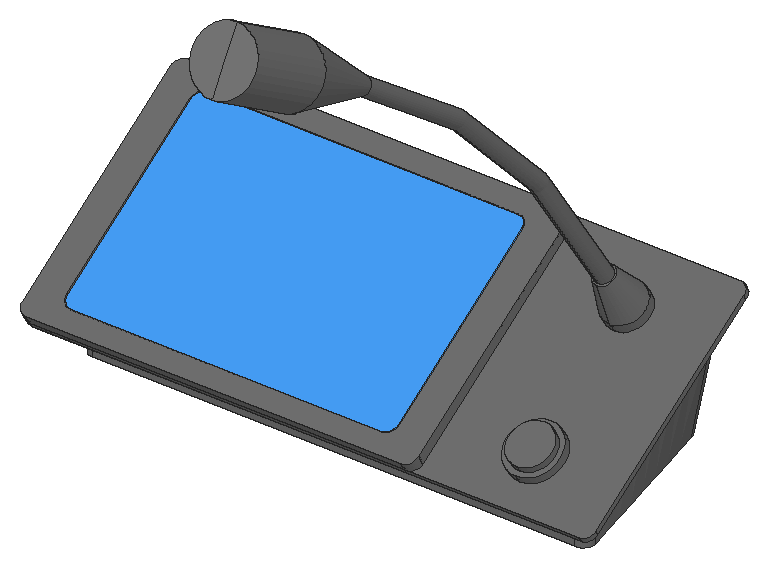
Revit family "Paging Station-Surface Mounted-Q-SYS-PS-TSCG3-G-Gooseneck Microphone z", category Communication Devices, host Face, Revit 2022
Family settings
  Host = Face
  Round Connector Dimension = Use Diameter
  Part Type = Normal
  OmniClass Number = 23.85.10.17.11
  OmniClass Title = Audio-Visual System Components
  Cut with Voids When Loaded = No
  Maintain Annotation Orientation = No
  Shared = No
  Room Calculation Point = No
Parameters (values of type "10 " W x 5 " H x 2 " D")
  Width = 265.8 mm
  Weight Product = 1.18
  Weight Dimensional = 1.84
  Weight = 3.99 lbm
  URL = "https://www.qsys.com/"
  Type Comments = "10 \" W x 5 \" H x 2 \" D"
  Screen Height = 115.6 mm
  Product Page URL = "https://www.qsys.com/products/q-sys/additional-peripherals/ps-tscg3-touchscreen-paging-station/"
  Product Documentation Link = "https://www.qsys.com/resource-files/productresources/dn/page-station_peripherals/ps-tscg3/q_dn_ps_tscg3_specsheet.pdf"
  Plan Symbol Vertical Offset [instance] = 0
  Plan Symbol Horizontal Offset [instance] = 0
  Part Number = ""
  Model = "PS-TSCG3-H"
  Manufacturer URL = "https://www.qsys.com/"
  Manufacturer = "Q-SYS"
  Length 5 = 11.0 mm
  Length 4 = 0.5 mm
  Length 3 = 7.0 mm
  Length 2 = 55.0 mm
  Length 1 = 5.0 mm
  LED Material = Plastic - Q-SYS - LED Blue
  IQ Category = "Paging Station"  # constant formula
  Highlight Material = Metal - Q-SYS - Mesh
  Cord Material 1 = Plastic - Q-SYS - Black Cord 1
  Height = 86.4 mm
  Frame Depth = 2.0 mm
  Description = "Surface mounted paging station with gooseneck microphone and an integrated push-to-talk button."
  Depth = 113.7 mm
  Default Elevation = 1450.0 mm
  Body Width = Width  # 265.8 mm
  Body Offset = 0.0 mm
  Body Material = Plastic - Q-SYS - Black
  Body Depth = 17.0 mm
Reference planes
  plane 1 "Center (Front/Back)": y = 0
  plane 2: z = 0
  plane 3 "Center (Left/Right)": x = 0
  plane 4 "Top": y = 56.85
  plane 5 "Bottom": y = -56.85
  plane 6 "Left": x = -132.9
  plane 7 "Right": x = 132.9
  plane 8 "body left": x = -132.9
  plane 9 "body right": x = 132.9
  plane 10 "Back": z = 0
  plane 11 "Front": z = 86.4
  plane 12 "body back": z = 0
  plane 13: x = -117.9
  plane 14: x = 117.9
  plane 15 "screen right": x = 52.1
  plane 16: x = 37.1
  plane 17 "mic x cl": x = 92.5
  plane 18: z = 317
  plane 19 "screen back": y = 37.84
  plane 20: x = -94.15
  plane 21: x = 94.15
  plane 22 "back top": z = 63.38
Forms (mm)
  Extrusion 1, solid, detail levels coarse
    sketch origin (0, 0, 0) x (1, 0, 0) y (0, 1, 0)
      loop
        line (-132.9, 56.85) -> (-132.9, -56.85) -> (132.9, -56.85) -> (132.9, 56.85) -> (-132.9, 56.85)
    from 0 to 86.4
  Blend 2, solid, material "Plastic - Q-SYS - Black" <- "Body Material", detail levels medium+fine
    base sketch origin (-132.9, 37.84, 86.4) x (0, -0.819152, -0.573576) y (1, 0, 0)
      loop
        line (5, 0) -> (110.6, 0)
        arc (110.6, 0) -> (114.136, 1.464) -> (115.6, 5) r 5
        line (115.6, 5) -> (115.6, 260.8)
        arc (115.6, 260.8) -> (114.136, 264.336) -> (110.6, 265.8) r 5
        line (110.6, 265.8) -> (5, 265.8)
        arc (5, 265.8) -> (1.464, 264.336) -> (0, 260.8) r 5
        line (0, 260.8) -> (0, 5)
        arc (0, 5) -> (1.464, 1.464) -> (5, 0) r 5
    top sketch origin (-132.9, 37.84, 86.4) x (0, -0.819152, -0.573576) y (1, 0, 0)
      loop
        line (14, 15) -> (101.6, 15)
        arc (101.6, 15) -> (105.136, 16.464) -> (106.6, 20) r 5
        line (106.6, 20) -> (106.6, 245.8)
        arc (106.6, 245.8) -> (105.136, 249.336) -> (101.6, 250.8) r 5
        line (101.6, 250.8) -> (14, 250.8)
        arc (14, 250.8) -> (10.464, 249.336) -> (9, 245.8) r 5
        line (9, 245.8) -> (9, 20)
        arc (9, 20) -> (10.464, 16.464) -> (14, 15) r 5
    from -6.8 to -21.8
  Extrusion 3, solid, material "Plastic - Q-SYS - Black" <- "Body Material", detail levels medium+fine
    sketch origin (-132.9, 37.84, 86.4) x (0, -0.819152, -0.573576) y (1, 0, 0)
      loop
        line (0, 260.8) -> (0, 5)
        arc (0, 5) -> (1.464, 1.464) -> (5, 0) r 5
        line (5, 0) -> (110.6, 0)
        arc (110.6, 0) -> (114.136, 1.464) -> (115.6, 5) r 5
        line (115.6, 5) -> (115.6, 260.8)
        arc (115.6, 260.8) -> (114.136, 264.336) -> (110.6, 265.8) r 5
        line (110.6, 265.8) -> (5, 265.8)
        arc (5, 265.8) -> (1.464, 264.336) -> (0, 260.8) r 5
    from -4.8 to -6.8
  Extrusion 4, solid, material "Plastic - Q-SYS - Black" <- "Body Material", detail levels medium+fine
    sketch origin (-132.9, 37.84, 86.4) x (0, -0.819152, -0.573576) y (1, 0, 0)
      loop
        line (0, 180) -> (0, 5)
        arc (0, 5) -> (1.464, 1.464) -> (5, 0) r 5
        line (5, 0) -> (110.6, 0)
        arc (110.6, 0) -> (114.136, 1.464) -> (115.6, 5) r 5
        line (115.6, 5) -> (115.6, 180)
        arc (115.6, 180) -> (114.136, 183.536) -> (110.6, 185) r 5
        line (110.6, 185) -> (5, 185)
        arc (5, 185) -> (1.464, 183.536) -> (0, 180) r 5
    from 0 to -4.8
  Extrusion 5, void
    sketch origin (-132.9, 37.84, 86.4) x (0, -0.819152, -0.573576) y (1, 0, 0)
      loop
        arc (9, 20) -> (10.464, 16.464) -> (14, 15) r 5
        line (14, 15) -> (101.6, 15)
        arc (101.6, 15) -> (105.136, 16.464) -> (106.6, 20) r 5
        line (106.6, 20) -> (106.6, 165)
        arc (106.6, 165) -> (105.136, 168.536) -> (101.6, 170) r 5
        line (101.6, 170) -> (14, 170)
        arc (14, 170) -> (10.464, 168.536) -> (9, 165) r 5
        line (9, 165) -> (9, 20)
    from 0 to -2
  Extrusion 6, solid, material "Plastic - Q-SYS - LED Blue" <- "LED Material", detail levels medium+fine
    sketch origin (-132.9, 37.84, 86.4) x (0, -0.819152, -0.573576) y (1, 0, 0)
      loop
        arc (101.6, 15) -> (105.136, 16.464) -> (106.6, 20) r 5
        line (106.6, 20) -> (106.6, 165)
        arc (106.6, 165) -> (105.136, 168.536) -> (101.6, 170) r 5
        line (101.6, 170) -> (14, 170)
        arc (14, 170) -> (10.464, 168.536) -> (9, 165) r 5
        line (9, 165) -> (9, 20)
        arc (9, 20) -> (10.464, 16.464) -> (14, 15) r 5
        line (14, 15) -> (101.6, 15)
    from 0 to -2
  Blend 7, solid, material "Plastic - Q-SYS - Black" <- "Body Material", detail levels medium+fine
    base sketch origin (0, 0, 86.4) x (-1, 0, 0) y (0, -1, 0)
      loop
        spline (-117.9, -38.876) -> (-117.857, -39.411) -> (-117.73, -39.936) -> (-117.519, -40.444) -> (-117.23, -40.924) -> (-116.867, -41.37) -> (-116.436, -41.772) -> (-115.944, -42.126) -> (-115.4, -42.423) -> (-114.813, -42.66) -> (-114.194, -42.832) -> (-113.553, -42.937) -> (-112.9, -42.972)
        line (-112.9, -42.972) -> (112.9, -42.972)
        spline (112.9, -42.972) -> (113.553, -42.937) -> (114.194, -42.832) -> (114.813, -42.66) -> (115.4, -42.423) -> (115.944, -42.126) -> (116.436, -41.772) -> (116.867, -41.37) -> (117.23, -40.924) -> (117.519, -40.444) -> (117.73, -39.936) -> (117.857, -39.411) -> (117.9, -38.876)
        line (117.9, -38.876) -> (117.9, 32.881)
        spline (117.9, 32.881) -> (117.857, 33.416) -> (117.73, 33.942) -> (117.519, 34.449) -> (117.23, 34.929) -> (116.867, 35.375) -> (116.436, 35.778) -> (115.944, 36.131) -> (115.4, 36.428) -> (114.813, 36.665) -> (114.194, 36.838) -> (113.553, 36.942) -> (112.9, 36.977)
        line (112.9, 36.977) -> (-112.9, 36.977)
        spline (-112.9, 36.977) -> (-113.553, 36.942) -> (-114.194, 36.838) -> (-114.813, 36.665) -> (-115.4, 36.428) -> (-115.944, 36.131) -> (-116.436, 35.778) -> (-116.867, 35.375) -> (-117.23, 34.929) -> (-117.519, 34.449) -> (-117.73, 33.942) -> (-117.857, 33.416) -> (-117.9, 32.881)
        line (-117.9, 32.881) -> (-117.9, -38.876)
    top sketch origin (0, 0, 86.4) x (-1, 0, 0) y (0, -1, 0)
      loop
        arc (-112.488, 36.977) -> (-116.451, 35.027) -> (-117.322, 30.698) r 5
        line (-117.322, 30.698) -> (-95.135, -53.129)
        arc (-95.135, -53.129) -> (-93.351, -55.812) -> (-90.301, -56.85) r 5
        line (-90.301, -56.85) -> (90.301, -56.85)
        arc (90.301, -56.85) -> (93.351, -55.812) -> (95.135, -53.129) r 5
        line (95.135, -53.129) -> (117.322, 30.698)
        arc (117.322, 30.698) -> (116.451, 35.027) -> (112.488, 36.977) r 5
        line (112.488, 36.977) -> (-112.488, 36.977)
    from -23.02 to -86.4
  Extrusion 8, void
    sketch origin (92.5, 0, 0) x (0, 1, 0) y (0, 0, 1)
      loop
        line (-56.85, -6.516) -> (75.848, 86.4) -> (-56.85, 86.4) -> (-56.85, -6.516)
    from -311.131 to 70.549
  Extrusion 9, solid, material "Plastic - Q-SYS - Black" <- "Body Material", detail levels fine
    sketch origin (-132.9, 37.84, 86.4) x (0, -0.819152, -0.573576) y (1, 0, 0)
      loop
        circle (90.893, 225.4) r 12.5
    from -1 to -4.8
  Extrusion 10, solid, material "Plastic - Q-SYS - Black" <- "Body Material", detail levels fine
    sketch origin (-132.9, 37.84, 86.4) x (0, -0.819152, -0.573576) y (1, 0, 0)
      loop
        circle (90.893, 225.4) r 10
    from -1 to 2
  Extrusion 11, solid, material "Plastic - Q-SYS - Black" <- "Body Material", detail levels fine
    sketch origin (-132.9, 37.84, 86.4) x (0, -0.819152, -0.573576) y (1, 0, 0)
      loop
        circle (25.893, 225.4) r 10
    from 0 to -4.8
  Blend 12, solid, material "Plastic - Q-SYS - Black" <- "Body Material", detail levels fine
    base sketch origin (-132.9, 37.84, 86.4) x (0, -0.819152, -0.573576) y (1, 0, 0)
      loop
        circle (25.893, 225.4) r 10
    top sketch origin (-132.9, 37.84, 86.4) x (0, -0.819152, -0.573576) y (1, 0, 0)
      loop
        circle (25.893, 225.4) r 5
    from 0 to 20
  Sweep 13, solid, material "Plastic - Q-SYS - Black Cord 1" <- "Cord Material 1", detail levels fine
    path origin (92.5, 0, 0) x (0, 1, 0) y (0, 0, 1)
      loop
        arc (5.159, 87.931) -> (-55.944, 168.251) -> (-136.263, 229.353) r 374.755
    profile origin (92.5, -55.944, 168.251) x (0, -0.707107, -0.707107) y (1, 0, 0)
      loop
        circle (0, 0) r 4
  Revolve 14, solid, material "Plastic - Q-SYS - Black" <- "Body Material", detail levels fine
    sketch origin (92.5, 0, 0) x (0, 1, 0) y (0, 0, 1)
      loop
        line (-134.292, 232.833) -> (-170.227, 265.826) -> (-209.384, 288.001) -> (-216.775, 274.948) -> (-136.263, 229.353) -> (-134.292, 232.833)
      axis (-136.263, 229.353) -> (-216.775, 274.948)
    angle from 0 to 360
Cuts and joins
  Extrusion 5 cuts Extrusion 4
  Extrusion 8 cuts Blend 7
Lines and regions (mm)
  Masking region 1, detail levels coarse
    outline origin (0, 0, 0) x (0, 1, 0) y (0, 0, 1)
      loop
        line (-56.85, 86.4) -> (-56.85, 0) -> (56.85, 0) -> (56.85, 86.4) -> (-56.85, 86.4)
  Masking region 2, detail levels medium+fine
    outline origin (0, 0, 63.38) x (-1, 0, 0) y (0, -1, 0)
      loop
        line (-127.9, -41.741) -> (-116.471, -41.741) -> (-90.301, -56.85) -> (90.301, -56.85) -> (116.471, -41.741) -> (127.9, -41.741)
        arc (127.9, -41.741) -> (131.436, -40.276) -> (132.9, -36.741) r 5
        line (132.9, -36.741) -> (132.9, 51.85)
        arc (132.9, 51.85) -> (131.436, 55.386) -> (127.9, 56.85) r 5
        line (127.9, 56.85) -> (-127.9, 56.85)
        arc (-127.9, 56.85) -> (-131.436, 55.386) -> (-132.9, 51.85) r 5
        line (-132.9, 51.85) -> (-132.9, -36.741)
        arc (-132.9, -36.741) -> (-131.436, -40.276) -> (-127.9, -41.741) r 5
  Masking region 3, detail levels medium+fine
    outline origin (0, 0, 0) x (0, 1, 0) y (0, 0, 1)
      loop
        line (56.85, 0) -> (42.972, 63.38) -> (41.741, 80.83) -> (37.84, 86.4) -> (-56.854, 20.095) -> (-52.953, 14.524) -> (-36.977, 7.399) -> (-36.977, 0) -> (56.85, 0)
  Masking region 4, detail levels fine
    outline origin (92.5, 0, 0) x (0, 1, 0) y (0, 0, 1)
      loop
        line (11.192, 61.881) -> (27.575, 73.352) -> (24.822, 77.284) -> (9.254, 90.799) -> (8.534, 90.295)
        arc (8.534, 90.295) -> (-53.27, 171.192) -> (-134.292, 232.833) r 380.958
        line (-134.292, 232.833) -> (-170.227, 265.826) -> (-209.384, 288.001) -> (-224.167, 261.896) -> (-185.01, 239.721) -> (-138.234, 225.872)
        arc (-138.234, 225.872) -> (-58.655, 165.265) -> (1.952, 85.686) r 372.958
        line (1.952, 85.686) -> (1.063, 85.064) -> (8.439, 65.813) -> (11.192, 61.881)
      loop
        line (-23.622, 37.504) -> (-25.802, 40.617) -> (-27.85, 39.183) -> (-29.57, 41.64) -> (-45.953, 30.169) -> (-44.233, 27.711) -> (-46.281, 26.277) -> (-44.101, 23.164) -> (-23.622, 37.504)
  Masking region 5, detail levels fine
    outline origin (0, 0, 86.4) x (-1, 0, 0) y (0, -1, 0)
      loop
        line (-77.5, 177.179) -> (-77.5, 216.775)
        spline (-77.5, 216.775) -> (-78.011, 218.688) -> (-79.51, 220.471) -> (-81.893, 222.002) -> (-85, 223.177) -> (-88.618, 223.915) -> (-92.5, 224.167) -> (-96.382, 223.915) -> (-100, 223.177) -> (-103.107, 222.002) -> (-105.49, 220.471) -> (-106.989, 218.688) -> (-107.5, 216.775)
        line (-107.5, 216.775) -> (-107.5, 177.179) -> (-96.537, 136.263) -> (-96.537, -2.562) -> (-102.5, -15.35) -> (-102.5, -19.383)
        spline (-102.5, -19.383) -> (-102.159, -21.503) -> (-101.16, -23.479) -> (-99.571, -25.176) -> (-97.5, -26.477) -> (-95.088, -27.296) -> (-92.5, -27.575) -> (-89.912, -27.296) -> (-87.5, -26.477) -> (-85.429, -25.176) -> (-83.84, -23.479) -> (-82.841, -21.503) -> (-82.5, -19.383)
        line (-82.5, -19.383) -> (-82.5, -15.35) -> (-88.463, -2.562) -> (-88.463, 136.263) -> (-77.5, 177.179)
  Masking region 6, detail levels medium+fine
    outline origin (0, 0, 0) x (1, 0, 0) y (0, 0, 1)
      loop
        line (-117.9, 0) -> (117.9, 0) -> (117.9, 8.944) -> (130.719, 14.993)
        arc (130.719, 14.993) -> (131.962, 15.83) -> (132.9, 17) r 4.97
        line (132.9, 17) -> (132.9, 79.6)
        spline (132.9, 79.6) -> (132.857, 79.975) -> (132.73, 80.342) -> (132.519, 80.698) -> (132.23, 81.034) -> (131.867, 81.346) -> (131.436, 81.628) -> (130.944, 81.875) -> (130.4, 82.084) -> (129.813, 82.25) -> (129.194, 82.37) -> (128.553, 82.444) -> (127.9, 82.468)
        line (127.9, 82.468) -> (52.1, 82.468) -> (52.1, 83.532)
        spline (52.1, 83.532) -> (52.057, 83.906) -> (51.93, 84.274) -> (51.719, 84.63) -> (51.43, 84.966) -> (51.067, 85.278) -> (50.636, 85.56) -> (50.144, 85.807) -> (49.6, 86.016) -> (49.013, 86.182) -> (48.394, 86.302) -> (47.753, 86.375) -> (47.1, 86.4)
        line (47.1, 86.4) -> (-127.9, 86.4)
        spline (-127.9, 86.4) -> (-128.553, 86.375) -> (-129.194, 86.302) -> (-129.813, 86.182) -> (-130.4, 86.016) -> (-130.944, 85.807) -> (-131.436, 85.56) -> (-131.867, 85.278) -> (-132.23, 84.966) -> (-132.519, 84.63) -> (-132.73, 84.274) -> (-132.857, 83.906) -> (-132.9, 83.532)
        line (-132.9, 83.532) -> (-132.9, 17)
        arc (-132.9, 17) -> (-131.962, 15.83) -> (-130.719, 14.993) r 4.97
        line (-130.719, 14.993) -> (-117.9, 8.944) -> (-117.9, 0)
  Masking region 7, detail levels fine
    outline origin (0, -56.85, 0) x (-1, 0, 0) y (0, 0, 1)
      loop
        line (-82.517, 71.759) -> (-88.5, 91.327) -> (-88.5, 228.659) -> (-77.914, 248.938) -> (-77.914, 273.938)
        arc (-77.914, 273.938) -> (-92.5, 288.525) -> (-107.086, 273.938) r 14.586
        line (-107.086, 273.938) -> (-107.086, 248.938) -> (-96.5, 228.659) -> (-96.5, 91.327) -> (-102.483, 71.759) -> (-102.483, 66.759)
        spline (-102.483, 66.759) -> (-102.142, 65.497) -> (-101.145, 64.32) -> (-99.559, 63.31) -> (-97.491, 62.534) -> (-95.084, 62.047) -> (-92.5, 61.881) -> (-89.916, 62.047) -> (-87.509, 62.534) -> (-85.441, 63.31) -> (-83.855, 64.32) -> (-82.858, 65.497) -> (-82.517, 66.759)
        line (-82.517, 66.759) -> (-82.517, 71.759)
  Masking region 8, detail levels coarse
    outline origin (0, -56.85, 0) x (-1, 0, 0) y (0, 0, 1)
      loop
        line (-132.9, 86.4) -> (-132.9, 0) -> (132.9, 0) -> (132.9, 86.4) -> (-132.9, 86.4)
  reference lines
    curve 1: line (-132.9, 37.84, 86.4) -> (-132.9, -56.854, 20.095)
    curve 2: line (92.5, -136.263, 229.353) -> (92.5, -192.823, 261.384)
  symbolic lines, style "Outline", detail levels medium+fine
    curve 3: line (0, 42.972, 63.38) -> (0, -36.977, 7.399)
    curve 4: line (0, 41.741, 80.83) -> (0, -52.953, 14.524)
    curve 9: line (-116.471, 41.741, 86.4) -> (116.471, 41.741, 86.4)
    curve 10: spline (-127.9, 37.84, 86.4) -> (-128.553, 37.805, 86.4) -> (-129.194, 37.701, 86.4) -> (-129.813, 37.529, 86.4) -> (-130.4, 37.292, 86.4) -> (-130.944, 36.994, 86.4) -> (-131.436, 36.641, 86.4) -> (-131.867, 36.238, 86.4) -> (-132.23, 35.793, 86.4) -> (-132.519, 35.312, 86.4) -> (-132.73, 34.805, 86.4) -> (-132.857, 34.279, 86.4) -> (-132.9, 33.745, 86.4)
    curve 11: line (47.1, 37.84, 86.4) -> (-127.9, 37.84, 86.4)
    curve 12: spline (52.1, 33.745, 86.4) -> (52.057, 34.279, 86.4) -> (51.93, 34.805, 86.4) -> (51.719, 35.312, 86.4) -> (51.43, 35.793, 86.4) -> (51.067, 36.238, 86.4) -> (50.636, 36.641, 86.4) -> (50.144, 36.994, 86.4) -> (49.6, 37.292, 86.4) -> (49.013, 37.529, 86.4) -> (48.394, 37.701, 86.4) -> (47.753, 37.805, 86.4) -> (47.1, 37.84, 86.4)
    curve 13: line (52.1, -52.758, 86.4) -> (52.1, 36.498, 86.4)
    curve 14: spline (47.1, -56.854, 86.4) -> (47.753, -56.819, 86.4) -> (48.394, -56.714, 86.4) -> (49.013, -56.542, 86.4) -> (49.6, -56.305, 86.4) -> (50.144, -56.007, 86.4) -> (50.636, -55.654, 86.4) -> (51.067, -55.251, 86.4) -> (51.43, -54.806, 86.4) -> (51.719, -54.325, 86.4) -> (51.93, -53.818, 86.4) -> (52.057, -53.292, 86.4) -> (52.1, -52.758, 86.4)
    curve 15: spline (32.1, -49.481, 86.4) -> (32.753, -49.446, 86.4) -> (33.394, -49.342, 86.4) -> (34.013, -49.169, 86.4) -> (34.6, -48.932, 86.4) -> (35.144, -48.635, 86.4) -> (35.636, -48.282, 86.4) -> (36.067, -47.879, 86.4) -> (36.43, -47.433, 86.4) -> (36.719, -46.953, 86.4) -> (36.93, -46.445, 86.4) -> (37.057, -45.92, 86.4) -> (37.1, -45.385, 86.4)
    curve 16: line (-112.9, -49.481, 86.4) -> (32.1, -49.481, 86.4)
    curve 17: line (37.1, -45.385, 86.4) -> (37.1, 26.372, 86.4)
    curve 18: spline (-117.9, -45.385, 86.4) -> (-117.857, -45.92, 86.4) -> (-117.73, -46.445, 86.4) -> (-117.519, -46.953, 86.4) -> (-117.23, -47.433, 86.4) -> (-116.867, -47.879, 86.4) -> (-116.436, -48.282, 86.4) -> (-115.944, -48.635, 86.4) -> (-115.4, -48.932, 86.4) -> (-114.813, -49.169, 86.4) -> (-114.194, -49.342, 86.4) -> (-113.553, -49.446, 86.4) -> (-112.9, -49.481, 86.4)
    curve 19: line (-117.9, 26.372, 86.4) -> (-117.9, -45.385, 86.4)
    curve 20: spline (-112.9, 30.468, 86.4) -> (-113.553, 30.433, 86.4) -> (-114.194, 30.328, 86.4) -> (-114.813, 30.156, 86.4) -> (-115.4, 29.919, 86.4) -> (-115.944, 29.622, 86.4) -> (-116.436, 29.268, 86.4) -> (-116.867, 28.866, 86.4) -> (-117.23, 28.42, 86.4) -> (-117.519, 27.94, 86.4) -> (-117.73, 27.432, 86.4) -> (-117.857, 26.907, 86.4) -> (-117.9, 26.372, 86.4)
    curve 21: line (32.1, 30.468, 86.4) -> (-112.9, 30.468, 86.4)
    curve 22: spline (37.1, 26.372, 86.4) -> (37.057, 26.907, 86.4) -> (36.93, 27.432, 86.4) -> (36.719, 27.94, 86.4) -> (36.43, 28.42, 86.4) -> (36.067, 28.866, 86.4) -> (35.636, 29.268, 86.4) -> (35.144, 29.622, 86.4) -> (34.6, 29.919, 86.4) -> (34.013, 30.156, 86.4) -> (33.394, 30.328, 86.4) -> (32.753, 30.433, 86.4) -> (32.1, 30.468, 86.4)
    curve 23: spline (47.1, 40.594, 86.4) -> (47.753, 40.559, 86.4) -> (48.394, 40.454, 86.4) -> (49.013, 40.282, 86.4) -> (49.6, 40.045, 86.4) -> (50.144, 39.747, 86.4) -> (50.636, 39.394, 86.4) -> (51.067, 38.991, 86.4) -> (51.43, 38.546, 86.4) -> (51.719, 38.065, 86.4) -> (51.93, 37.558, 86.4) -> (52.057, 37.032, 86.4) -> (52.1, 36.498, 86.4)
    curve 24: spline (-127.9, 40.594, 86.4) -> (-128.553, 40.559, 86.4) -> (-129.194, 40.454, 86.4) -> (-129.813, 40.282, 86.4) -> (-130.4, 40.045, 86.4) -> (-130.944, 39.747, 86.4) -> (-131.436, 39.394, 86.4) -> (-131.867, 38.991, 86.4) -> (-132.23, 38.546, 86.4) -> (-132.519, 38.065, 86.4) -> (-132.73, 37.558, 86.4) -> (-132.857, 37.032, 86.4) -> (-132.9, 36.498, 86.4)
    curve 25: line (127.9, 40.594, 86.4) -> (-127.9, 40.594, 86.4)
    curve 30: line (52.1, -56.85, 82.468) -> (52.1, -56.85, 19.031)
    curve 31: spline (47.1, -56.85, 20.095) -> (47.753, -56.85, 20.119) -> (48.394, -56.85, 20.192) -> (49.013, -56.85, 20.313) -> (49.6, -56.85, 20.479) -> (50.144, -56.85, 20.687) -> (50.636, -56.85, 20.935) -> (51.067, -56.85, 21.217) -> (51.43, -56.85, 21.529) -> (51.719, -56.85, 21.865) -> (51.93, -56.85, 22.22) -> (52.057, -56.85, 22.588) -> (52.1, -56.85, 22.962)
    curve 32: line (-127.9, -56.85, 20.095) -> (47.1, -56.85, 20.095)
    curve 33: spline (-132.9, -56.85, 22.962) -> (-132.857, -56.85, 22.588) -> (-132.73, -56.85, 22.22) -> (-132.519, -56.85, 21.865) -> (-132.23, -56.85, 21.529) -> (-131.867, -56.85, 21.217) -> (-131.436, -56.85, 20.935) -> (-130.944, -56.85, 20.687) -> (-130.4, -56.85, 20.479) -> (-129.813, -56.85, 20.313) -> (-129.194, -56.85, 20.192) -> (-128.553, -56.85, 20.119) -> (-127.9, -56.85, 20.095)
    curve 34: spline (-132.9, -56.85, 19.031) -> (-132.857, -56.85, 18.656) -> (-132.73, -56.85, 18.288) -> (-132.519, -56.85, 17.933) -> (-132.23, -56.85, 17.597) -> (-131.867, -56.85, 17.285) -> (-131.436, -56.85, 17.003) -> (-130.944, -56.85, 16.755) -> (-130.4, -56.85, 16.547) -> (-129.813, -56.85, 16.381) -> (-129.194, -56.85, 16.26) -> (-128.553, -56.85, 16.187) -> (-127.9, -56.85, 16.163)
    curve 35: line (-127.9, -56.85, 16.163) -> (127.9, -56.85, 16.163)
    curve 36: spline (52.1, -56.85, 19.031) -> (52.057, -56.85, 18.656) -> (51.93, -56.85, 18.288) -> (51.719, -56.85, 17.933) -> (51.43, -56.85, 17.597) -> (51.067, -56.85, 17.285) -> (50.636, -56.85, 17.003) -> (50.144, -56.85, 16.755) -> (49.6, -56.85, 16.547) -> (49.013, -56.85, 16.381) -> (48.394, -56.85, 16.26) -> (47.753, -56.85, 16.187) -> (47.1, -56.85, 16.163)
    curve 37: line (-112.9, -56.85, 25.257) -> (32.1, -56.85, 25.257)
    curve 38: spline (32.1, -56.85, 25.257) -> (32.753, -56.85, 25.281) -> (33.394, -56.85, 25.354) -> (34.013, -56.85, 25.475) -> (34.6, -56.85, 25.641) -> (35.144, -56.85, 25.849) -> (35.636, -56.85, 26.097) -> (36.067, -56.85, 26.379) -> (36.43, -56.85, 26.691) -> (36.719, -56.85, 27.027) -> (36.93, -56.85, 27.382) -> (37.057, -56.85, 27.75) -> (37.1, -56.85, 28.125)
    curve 39: line (37.1, -56.85, 78.37) -> (37.1, -56.85, 28.125)
    curve 40: spline (37.1, -56.85, 78.37) -> (37.057, -56.85, 78.744) -> (36.93, -56.85, 79.112) -> (36.719, -56.85, 79.467) -> (36.43, -56.85, 79.804) -> (36.067, -56.85, 80.116) -> (35.636, -56.85, 80.398) -> (35.144, -56.85, 80.645) -> (34.6, -56.85, 80.854) -> (34.013, -56.85, 81.02) -> (33.394, -56.85, 81.14) -> (32.753, -56.85, 81.213) -> (32.1, -56.85, 81.238)
    curve 41: line (32.1, -56.85, 81.238) -> (-112.9, -56.85, 81.238)
    curve 42: spline (-112.9, -56.85, 81.238) -> (-113.553, -56.85, 81.213) -> (-114.194, -56.85, 81.14) -> (-114.813, -56.85, 81.02) -> (-115.4, -56.85, 80.854) -> (-115.944, -56.85, 80.645) -> (-116.436, -56.85, 80.398) -> (-116.867, -56.85, 80.116) -> (-117.23, -56.85, 79.804) -> (-117.519, -56.85, 79.467) -> (-117.73, -56.85, 79.112) -> (-117.857, -56.85, 78.744) -> (-117.9, -56.85, 78.37)
    curve 43: line (-117.9, -56.85, 28.125) -> (-117.9, -56.85, 78.37)
    curve 50: line (52.1, 56.85, 82.468) -> (-127.9, 56.85, 82.468)
    curve 51: spline (-127.9, 56.85, 82.468) -> (-128.553, 56.85, 82.444) -> (-129.194, 56.85, 82.37) -> (-129.813, 56.85, 82.25) -> (-130.4, 56.85, 82.084) -> (-130.944, 56.85, 81.875) -> (-131.436, 56.85, 81.628) -> (-131.867, 56.85, 81.346) -> (-132.23, 56.85, 81.034) -> (-132.519, 56.85, 80.698) -> (-132.73, 56.85, 80.342) -> (-132.857, 56.85, 79.975) -> (-132.9, 56.85, 79.6)
    curve 52: line (117.9, 56.85, 8.944) -> (117.9, 56.85, 60.512)
    curve 53: spline (112.9, 56.85, 63.38) -> (113.553, 56.85, 63.356) -> (114.194, 56.85, 63.283) -> (114.813, 56.85, 63.162) -> (115.4, 56.85, 62.996) -> (115.944, 56.85, 62.788) -> (116.436, 56.85, 62.54) -> (116.867, 56.85, 62.258) -> (117.23, 56.85, 61.946) -> (117.519, 56.85, 61.61) -> (117.73, 56.85, 61.255) -> (117.857, 56.85, 60.887) -> (117.9, 56.85, 60.512)
    curve 54: line (-112.9, 56.85, 63.38) -> (112.9, 56.85, 63.38)
    curve 55: spline (-117.9, 56.85, 60.512) -> (-117.857, 56.85, 60.887) -> (-117.73, 56.85, 61.255) -> (-117.519, 56.85, 61.61) -> (-117.23, 56.85, 61.946) -> (-116.867, 56.85, 62.258) -> (-116.436, 56.85, 62.54) -> (-115.944, 56.85, 62.788) -> (-115.4, 56.85, 62.996) -> (-114.813, 56.85, 63.162) -> (-114.194, 56.85, 63.283) -> (-113.553, 56.85, 63.356) -> (-112.9, 56.85, 63.38)
    curve 56: spline (-117.9, -56.85, 28.125) -> (-117.857, -56.85, 27.75) -> (-117.73, -56.85, 27.382) -> (-117.519, -56.85, 27.027) -> (-117.23, -56.85, 26.691) -> (-116.867, -56.85, 26.379) -> (-116.436, -56.85, 26.097) -> (-115.944, -56.85, 25.849) -> (-115.4, -56.85, 25.641) -> (-114.813, -56.85, 25.475) -> (-114.194, -56.85, 25.354) -> (-113.553, -56.85, 25.281) -> (-112.9, -56.85, 25.257)
    curve 57: spline (127.9, -56.85, 16.163) -> (128.553, -56.85, 16.187) -> (129.194, -56.85, 16.26) -> (129.813, -56.85, 16.381) -> (130.4, -56.85, 16.547) -> (130.944, -56.85, 16.755) -> (131.436, -56.85, 17.003) -> (131.867, -56.85, 17.285) -> (132.23, -56.85, 17.597) -> (132.519, -56.85, 17.933) -> (132.73, -56.85, 18.288) -> (132.857, -56.85, 18.656) -> (132.9, -56.85, 19.031)
    curve 58: line (-117.9, 56.85, 8.944) -> (-117.9, 56.85, 60.512)
    curve 59: line (0, 40.594, 82.468) -> (0, -54.1, 16.163)
  symbolic lines, style "Outline", detail levels fine
    curve 5: line (92.5, 8.534, 90.295) -> (92.5, 1.952, 85.686)
    curve 6: line (92.5, -138.234, 225.872) -> (92.5, -134.292, 232.833)
    curve 7: line (92.5, -185.01, 239.721) -> (92.5, -170.227, 265.826)
    curve 29: arc (87.611, 4.39, 86.4) -> (92.5, 9.279, 86.4) -> (97.389, 4.39, 86.4) r 4.889
    curve 44: spline (77.914, -56.85, 273.938) -> (78.411, -56.85, 270.821) -> (79.868, -56.85, 267.917) -> (82.186, -56.85, 265.423) -> (85.207, -56.85, 263.51) -> (88.725, -56.85, 262.307) -> (92.5, -56.85, 261.896) -> (96.275, -56.85, 262.307) -> (99.793, -56.85, 263.51) -> (102.814, -56.85, 265.423) -> (105.132, -56.85, 267.917) -> (106.589, -56.85, 270.821) -> (107.086, -56.85, 273.938)
    curve 45: arc (79.563, -56.85, 245.778) -> (92.5, -56.85, 239.721) -> (105.437, -56.85, 245.778) r 16.844
  symbolic lines, style "Detail", detail levels fine
    curve 8: line (92.5, -27.85, 39.183) -> (92.5, -44.233, 27.711)
    curve 26: spline (82.5, -37.762, 63.38) -> (82.841, -39.882, 63.38) -> (83.84, -41.858, 63.38) -> (85.429, -43.554, 63.38) -> (87.5, -44.856, 63.38) -> (89.912, -45.674, 63.38) -> (92.5, -45.953, 63.38) -> (95.088, -45.674, 63.38) -> (97.5, -44.856, 63.38) -> (99.571, -43.554, 63.38) -> (101.16, -41.858, 63.38) -> (102.159, -39.882, 63.38) -> (102.5, -37.762, 63.38) -> (102.159, -35.642, 63.38) -> (101.16, -33.666, 63.38) -> (99.571, -31.97, 63.38) -> (97.5, -30.668, 63.38) -> (95.088, -29.849, 63.38) -> (92.5, -29.57, 63.38) -> (89.912, -29.849, 63.38) -> (87.5, -30.668, 63.38) -> (85.429, -31.97, 63.38) -> (83.84, -33.666, 63.38) -> (82.841, -35.642, 63.38) -> (82.5, -37.762, 63.38)
    curve 27: spline (80, -36.041, 63.38) -> (80.426, -38.691, 63.38) -> (81.675, -41.161, 63.38) -> (83.661, -43.281, 63.38) -> (86.25, -44.909, 63.38) -> (89.265, -45.932, 63.38) -> (92.5, -46.281, 63.38) -> (95.735, -45.932, 63.38) -> (98.75, -44.909, 63.38) -> (101.339, -43.281, 63.38) -> (103.325, -41.161, 63.38) -> (104.574, -38.691, 63.38) -> (105, -36.041, 63.38) -> (104.574, -33.391, 63.38) -> (103.325, -30.921, 63.38) -> (101.339, -28.801, 63.38) -> (98.75, -27.174, 63.38) -> (95.735, -26.151, 63.38) -> (92.5, -25.802, 63.38) -> (89.265, -26.151, 63.38) -> (86.25, -27.174, 63.38) -> (83.661, -28.801, 63.38) -> (81.675, -30.921, 63.38) -> (80.426, -33.391, 63.38) -> (80, -36.041, 63.38)
    curve 28: spline (80.071, -34.951, 63.38) -> (80.192, -32.072, 63.38) -> (81.288, -29.335, 63.38) -> (83.271, -26.955, 63.38) -> (85.985, -25.123, 63.38) -> (89.215, -23.982, 63.38) -> (92.704, -23.623, 63.38) -> (96.178, -24.075, 63.38) -> (99.36, -25.302, 63.38) -> (101.999, -27.206, 63.38) -> (103.887, -29.637, 63.38) -> (104.872, -32.402, 63.38) -> (104.879, -35.283, 63.38)
    curve 46: spline (102.5, -56.85, 35.904) -> (102.159, -56.85, 37.389) -> (101.16, -56.85, 38.772) -> (99.571, -56.85, 39.96) -> (97.5, -56.85, 40.872) -> (95.088, -56.85, 41.445) -> (92.5, -56.85, 41.64) -> (89.912, -56.85, 41.445) -> (87.5, -56.85, 40.872) -> (85.429, -56.85, 39.96) -> (83.84, -56.85, 38.772) -> (82.841, -56.85, 37.389) -> (82.5, -56.85, 35.904) -> (82.841, -56.85, 34.42) -> (83.84, -56.85, 33.036) -> (85.429, -56.85, 31.848) -> (87.5, -56.85, 30.937) -> (89.912, -56.85, 30.364) -> (92.5, -56.85, 30.169) -> (95.088, -56.85, 30.364) -> (97.5, -56.85, 30.937) -> (99.571, -56.85, 31.848) -> (101.16, -56.85, 33.036) -> (102.159, -56.85, 34.42) -> (102.5, -56.85, 35.904)
    curve 47: spline (102.325, -56.85, 34.514) -> (102.442, -56.85, 32.83) -> (101.701, -56.85, 31.2) -> (100.165, -56.85, 29.763) -> (97.968, -56.85, 28.644) -> (95.299, -56.85, 27.94) -> (92.388, -56.85, 27.711) -> (89.487, -56.85, 27.978) -> (86.846, -56.85, 28.716) -> (84.693, -56.85, 29.863) -> (83.214, -56.85, 31.319) -> (82.536, -56.85, 32.958) -> (82.719, -56.85, 34.64)
    curve 48: spline (83.41, -56.85, 38.368) -> (80.839, -56.85, 36.029) -> (80.002, -56.85, 33.305) -> (81.025, -56.85, 30.603) -> (83.755, -56.85, 28.324) -> (87.786, -56.85, 26.806) -> (92.518, -56.85, 26.277) -> (97.248, -56.85, 26.814) -> (101.271, -56.85, 28.338) -> (103.989, -56.85, 30.622) -> (104.998, -56.85, 33.326) -> (104.148, -56.85, 36.048) -> (101.565, -56.85, 38.383)
    curve 49: spline (104.749, -56.85, 31.764) -> (104.943, -56.85, 29.651) -> (104.053, -56.85, 27.596) -> (102.156, -56.85, 25.781) -> (99.418, -56.85, 24.362) -> (96.076, -56.85, 23.464) -> (92.423, -56.85, 23.164) -> (88.777, -56.85, 23.49) -> (85.455, -56.85, 24.411) -> (82.748, -56.85, 25.849) -> (80.889, -56.85, 27.678) -> (80.043, -56.85, 29.738) -> (80.283, -56.85, 31.85)
Dimensions and locks
  "Depth": plane 4 "Top" to plane 5 "Bottom"
  equal spacing: plane 6 "Left", plane 3 "Center (Left/Right)", plane 7 "Right"
  "Width": plane 6 "Left" to plane 7 "Right"
  "Height": plane 11 "Front" to plane 12 "body back"
  "Body Offset": plane 12 "body back" to plane 10 "Back"
  equal spacing: plane 8 "body left", plane 3 "Center (Left/Right)", plane 9 "body right"
  "Body Width": plane 8 "body left" to plane 9 "body right"
  equal spacing: plane 4 "Top", plane 1 "Center (Front/Back)", plane 5 "Bottom"
  locked: plane 8 "body left" to plane 13 at 15
  plane 14 to plane 9 "body right" = 15.0 mm
  locked: plane 8 "body left" to plane 15 "screen right" at 185
  locked: plane 16 to plane 15 "screen right" at 15
  equal spacing: plane 15 "screen right", plane 17 "mic x cl", plane 9 "body right"
  "Screen Height": curve 1 to curve 1
  var sketch to Blend 2 sketch curve = 9.0 mm  (x2)
  equal spacing: plane 21, plane 3 "Center (Left/Right)", plane 20
  locked: plane 3 "Center (Left/Right)" to plane 20 at 94.15
  "Length 1": radius of Blend 2 sketch curve  (x8)
  angle curve 1 to plane 11 "Front" = 35.00°
  aligned and locked: plane 2 to host face
  aligned and locked: level to host face
  aligned and locked: plane 6 "Left" to Extrusion 1 sketch curve
  aligned and locked: Extrusion 1 sketch curve to plane 4 "Top"
  aligned and locked: Extrusion 1 sketch curve to plane 7 "Right"
  aligned and locked: plane 5 "Bottom" to Extrusion 1 sketch curve
  aligned and locked: level to plane 10 "Back"
  aligned and locked: Extrusion 1 to plane 10 "Back"
  aligned and locked: plane 11 "Front" to Extrusion 1
  aligned and locked: Masking region 1 sketch curve to Extrusion 1  (x4)
  aligned and locked: plane 19 "screen back" to curve 1
  aligned and locked: plane 11 "Front" to curve 1
  aligned and locked: Blend 2 sketch curve to curve 1
  aligned and locked: curve 1 to Blend 2 sketch curve  (x2)
  aligned and locked: plane 9 "body right" to Blend 2 sketch curve
  aligned and locked: Blend 2 sketch curve to plane 13
  aligned and locked: plane 14 to Blend 2 sketch curve
  aligned and locked: Extrusion 3 sketch curve to Blend 2  (x4)
  aligned and locked: plane 15 "screen right" to Extrusion 4 sketch curve
  aligned and locked: Extrusion 5 sketch curve to plane 16
  aligned and locked: Extrusion 6 sketch curve to cut or joined group of Extrusion 4, Extrusion 5  (x4)
  aligned and locked: Blend 7 to plane 22 "back top"
  aligned and locked: Extrusion 8 sketch curve to Extrusion 1
  aligned and locked: plane 17 "mic x cl" to Extrusion 9 sketch curve
  aligned and locked: Revolve 14 sketch curve to curve 2
  aligned and locked: Masking region 2 sketch curve to plane 5 "Bottom"
  aligned and locked: Masking region 2 to curve 9
  aligned and locked: Masking region 8 sketch curve to Extrusion 1  (x4)
  aligned and locked: plane 1 "Center (Front/Back)" to nested 1
  aligned and locked: plane 3 "Center (Left/Right)" to nested 1
Automatic sketch dimensions
  host sketch curve to host sketch curve = 2438.4 mm  (x2)
  curve 1 to Extrusion 4 sketch curve = 0.0 mm  (x2)
  Extrusion 4 sketch curve to curve 1 = 0.0 mm
  curve 1 to Extrusion 4 sketch curve = 5.0 mm  (x3)
  curve 1 to Extrusion 4 sketch curve = 180.0 mm
  curve 1 to Extrusion 5 sketch curve = 9.0 mm
  Extrusion 5 sketch curve to Extrusion 5 sketch curve = 5.0 mm  (x3)
  Extrusion 5 sketch curve to curve 1 = 14.0 mm  (x2)
  curve 1 to Extrusion 5 sketch curve = 15.0 mm
  Blend 7 sketch curve to plane 14 = 0.0 mm
  Blend 7 sketch curve to plane 13 = 0.0 mm
  Blend 7 sketch curve to plane 14 = 5.0 mm  (x2)
  plane 13 to Blend 7 sketch curve = 5.0 mm  (x2)
  Blend 7 sketch curve to plane 19 "screen back" = 5.132 mm
  Blend 7 sketch curve to plane 19 "screen back" = 1.036 mm  (x2)
  plane 5 "Bottom" to Blend 7 sketch curve = 23.969 mm  (x2)
  Blend 7 sketch curve to Blend 7 sketch curve = 4.096 mm
  Blend 7 sketch curve to plane 4 "Top" = 0.0 mm
  plane 13 to Blend 7 sketch curve = 0.578 mm
  plane 13 to Blend 7 sketch curve = 5.412 mm
  Blend 7 sketch curve to plane 20 = 0.985 mm
  plane 20 to Blend 7 sketch curve = 3.849 mm
  Blend 7 sketch curve to plane 17 "mic x cl" = 2.199 mm
  plane 21 to Blend 7 sketch curve = 0.985 mm
  Blend 7 sketch curve to plane 14 = 5.412 mm
  Blend 7 sketch curve to plane 14 = 0.578 mm
  Blend 7 sketch curve to plane 4 "Top" = 3.721 mm  (x2)
  plane 5 "Bottom" to Blend 7 sketch curve = 26.152 mm
  Blend 7 sketch curve to Blend 7 sketch curve = 1.279 mm  (x2)
  Extrusion 9 sketch curve to curve 1 = 24.707 mm
  Extrusion 10 sketch curve to curve 1 = 24.707 mm
  curve 1 to Extrusion 10 sketch curve = 225.4 mm
  Extrusion 11 sketch curve to curve 1 = 89.707 mm
  curve 1 to Extrusion 11 sketch curve = 225.4 mm
  curve 1 to Blend 12 sketch curve = 25.893 mm  (x2)
  curve 1 to Blend 12 sketch curve = 225.4 mm  (x2)
  curve 2 to plane 18 = 55.616 mm
  curve 2 to plane 5 "Bottom" = 135.973 mm
  curve 2 to curve 2 = 56.56 mm
  curve 2 to curve 2 = 32.031 mm
  Revolve 14 sketch curve to plane 18 = 42.052 mm  (x2)
  Revolve 14 sketch curve to plane 5 "Bottom" = 159.925 mm
  Revolve 14 sketch curve to plane 18 = 28.999 mm
  Revolve 14 sketch curve to Revolve 14 sketch curve = 7.392 mm
  Revolve 14 sketch curve to plane 5 "Bottom" = 79.413 mm
  Revolve 14 sketch curve to Revolve 14 sketch curve = 1.971 mm
  Revolve 14 sketch curve to plane 18 = 51.174 mm
  Revolve 14 sketch curve to plane 5 "Bottom" = 25.052 mm
  Masking region 2 sketch curve to plane 7 "Right" = 0.0 mm
  Masking region 2 sketch curve to plane 4 "Top" = 0.0 mm
  Masking region 2 sketch curve to plane 6 "Left" = 0.0 mm
  Masking region 2 sketch curve to plane 7 "Right" = 5.0 mm
  plane 19 "screen back" to Masking region 2 sketch curve = 1.1 mm  (x2)
  Masking region 2 sketch curve to Masking region 2 sketch curve = 5.0 mm
  Masking region 2 sketch curve to plane 14 = 1.429 mm
  Masking region 2 sketch curve to plane 17 "mic x cl" = 2.199 mm
  plane 20 to Masking region 2 sketch curve = 3.849 mm
  plane 13 to Masking region 2 sketch curve = 1.429 mm
  plane 6 "Left" to Masking region 2 sketch curve = 5.0 mm  (x2)
  Masking region 5 sketch curve to plane 17 "mic x cl" = 0.0 mm  (x2)
  plane 21 to Masking region 5 sketch curve = 2.387 mm
  plane 21 to Masking region 5 sketch curve = 8.35 mm
  Masking region 5 sketch curve to plane 14 = 10.4 mm
  Masking region 5 sketch curve to plane 17 "mic x cl" = 4.037 mm
  plane 19 "screen back" to Masking region 5 sketch curve = 18.457 mm
  Masking region 5 sketch curve to Masking region 5 sketch curve = 4.033 mm  (x2)
  Masking region 5 sketch curve to plane 1 "Center (Front/Back)" = 2.562 mm  (x2)
  Masking region 5 sketch curve to plane 5 "Bottom" = 79.413 mm
  Masking region 5 sketch curve to Masking region 5 sketch curve = 0.0 mm  (x2)
  Masking region 5 sketch curve to Masking region 5 sketch curve = 40.916 mm
  Masking region 5 sketch curve to Masking region 5 sketch curve = 39.597 mm
  curve 27 to plane 17 "mic x cl" = 0.0 mm
  curve 28 to plane 17 "mic x cl" = 0.0 mm
  curve 26 to plane 17 "mic x cl" = 0.0 mm
  plane 5 "Bottom" to curve 28 = 22.988 mm
  plane 21 to curve 28 = 10.729 mm
  curve 26 to plane 17 "mic x cl" = 10.0 mm
  curve 26 to curve 28 = 2.429 mm
  curve 28 to curve 28 = 0.071 mm
  curve 28 to curve 27 = 0.071 mm
  curve 28 to curve 28 = 1.09 mm
  curve 28 to curve 27 = 1.09 mm
  curve 27 to curve 26 = 1.721 mm
  curve 29 to plane 17 "mic x cl" = 0.0 mm
  curve 23 to plane 15 "screen right" = 0.0 mm
  plane 19 "screen back" to curve 12 = 0.0 mm
  curve 15 to plane 16 = 0.0 mm
  curve 20 to plane 13 = 0.0 mm
  curve 10 to plane 6 "Left" = 0.0 mm
  curve 24 to plane 6 "Left" = 0.0 mm
  curve 11 to plane 15 "screen right" = 5.0 mm
  curve 21 to plane 16 = 5.0 mm
  curve 16 to plane 16 = 5.0 mm
  plane 13 to curve 21 = 5.0 mm
  plane 13 to curve 16 = 5.0 mm
  plane 6 "Left" to curve 11 = 5.0 mm
  curve 25 to curve 11 = 0.0 mm
  curve 25 to curve 11 = 2.753 mm
  plane 19 "screen back" to curve 13 = 1.343 mm
  plane 19 "screen back" to curve 21 = 7.372 mm
  curve 29 to plane 1 "Center (Front/Back)" = 4.39 mm
  plane 5 "Bottom" to curve 19 = 11.465 mm
  plane 5 "Bottom" to curve 17 = 11.465 mm
  curve 18 to curve 16 = 4.096 mm
  plane 5 "Bottom" to curve 13 = 4.092 mm
  plane 21 to curve 29 = 3.239 mm
  curve 9 to plane 14 = 1.429 mm
  curve 25 to plane 7 "Right" = 5.0 mm
  curve 23 to curve 11 = 0.0 mm
  curve 14 to plane 15 "screen right" = 5.0 mm
  plane 13 to curve 9 = 1.429 mm
  plane 19 "screen back" to curve 24 = 1.343 mm
  curve 24 to curve 10 = 2.753 mm
  curve 23 to curve 12 = 2.753 mm
  curve 22 to curve 17 = 4.096 mm
  curve 22 to curve 17 = 0.0 mm
  curve 21 to curve 19 = 4.096 mm
  curve 20 to curve 20 = 4.096 mm
  curve 14 to plane 5 "Bottom" = 0.004 mm
  curve 57 to plane 7 "Right" = 0.0 mm
  curve 44 to plane 17 "mic x cl" = 0.0 mm
  curve 49 to plane 17 "mic x cl" = 0.0 mm
  curve 45 to plane 17 "mic x cl" = 0.0 mm
  curve 48 to plane 17 "mic x cl" = 0.0 mm
  curve 46 to plane 17 "mic x cl" = 0.0 mm
  curve 47 to plane 17 "mic x cl" = 0.0 mm
  curve 30 to plane 15 "screen right" = 0.0 mm
  curve 40 to plane 16 = 0.0 mm
  curve 43 to plane 13 = 0.0 mm
  curve 34 to plane 6 "Left" = 0.0 mm
  curve 33 to plane 6 "Left" = 0.0 mm
  curve 35 to plane 7 "Right" = 5.0 mm
  curve 32 to plane 15 "screen right" = 5.0 mm
  curve 37 to plane 16 = 5.0 mm
  curve 41 to plane 16 = 5.0 mm
  plane 13 to curve 37 = 5.0 mm
  plane 13 to curve 41 = 5.0 mm
  plane 6 "Left" to curve 32 = 5.0 mm
  curve 35 to curve 32 = 0.0 mm
  level to curve 35 = 16.163 mm
  curve 36 to curve 30 = 2.868 mm
  curve 34 to curve 32 = 3.932 mm
  curve 32 to curve 37 = 5.162 mm
  curve 37 to curve 39 = 2.868 mm
  curve 56 to curve 43 = 2.868 mm
  curve 43 to plane 11 "Front" = 8.03 mm
  curve 39 to plane 11 "Front" = 8.03 mm
  curve 40 to curve 41 = 2.868 mm
  curve 45 to plane 18 = 60.435 mm
  curve 44 to plane 14 = 10.814 mm
  plane 21 to curve 45 = 11.287 mm
  plane 21 to curve 48 = 10.85 mm
  curve 49 to curve 48 = 0.0 mm
  curve 49 to curve 49 = 0.251 mm
  curve 48 to curve 47 = 2.5 mm
  curve 47 to curve 46 = 0.0 mm
  curve 47 to curve 47 = 0.175 mm
  curve 46 to curve 48 = 0.935 mm
  curve 48 to plane 17 "mic x cl" = 9.09 mm
  curve 48 to curve 47 = 0.691 mm
  curve 47 to curve 49 = 2.436 mm
  curve 45 to plane 17 "mic x cl" = 12.937 mm
  curve 36 to curve 32 = 0.0 mm
  curve 35 to curve 57 = 2.868 mm
  curve 34 to curve 32 = 1.064 mm
  curve 32 to curve 33 = 2.868 mm
  curve 36 to curve 31 = 3.932 mm
  curve 57 to curve 49 = 11.304 mm
  curve 49 to curve 49 = 1.43 mm
  curve 49 to curve 48 = 3.113 mm
  curve 47 to curve 48 = 0.0 mm
  curve 47 to curve 47 = 1.067 mm
  curve 47 to curve 46 = 1.39 mm
  curve 47 to curve 48 = 3.728 mm
  curve 30 to plane 11 "Front" = 3.932 mm
  curve 45 to curve 45 = 10.787 mm
  curve 45 to curve 44 = 17.373 mm
  curve 53 to plane 14 = 0.0 mm
  curve 54 to plane 22 "back top" = 0.0 mm
  curve 50 to plane 15 "screen right" = 0.0 mm
  curve 58 to plane 13 = 0.0 mm
  curve 54 to plane 14 = 5.0 mm
  plane 13 to curve 54 = 5.0 mm
  plane 22 "back top" to curve 52 = 2.868 mm
  plane 22 "back top" to curve 58 = 2.868 mm
  level to curve 52 = 8.944 mm
  level to curve 58 = 8.944 mm
  curve 50 to plane 11 "Front" = 3.932 mm
  curve 7 to plane 5 "Bottom" = 128.16 mm
  curve 7 to plane 18 = 51.174 mm
  curve 7 to curve 7 = 14.783 mm
  curve 7 to curve 6 = 46.776 mm
  curve 6 to curve 6 = 3.942 mm
  plane 5 "Bottom" to curve 8 = 12.617 mm
  curve 8 to curve 8 = 16.383 mm
  curve 5 to plane 11 "Front" = 0.714 mm
  curve 5 to plane 1 "Center (Front/Back)" = 1.952 mm
  plane 11 "Front" to curve 5 = 3.895 mm
  curve 5 to curve 5 = 6.582 mm
  plane 22 "back top" to curve 8 = 24.198 mm
  curve 8 to curve 8 = 11.472 mm
  curve 6 to curve 7 = 39.953 mm
  curve 6 to curve 6 = 6.961 mm
  curve 7 to curve 7 = 26.105 mm
  Extrusion 8 sketch curve to plane 11 "Front" = 0.0 mm
  plane 4 "Top" to Extrusion 8 sketch curve = 18.998 mm
  Extrusion 8 sketch curve to level = 6.516 mm
  Sweep 13 sketch curve to level = 96.741 mm
  Sweep 13 sketch curve to plane 5 "Bottom" = 264.085 mm
  Sweep 13 sketch curve to plane 5 "Bottom" = 79.413 mm
  plane 11 "Front" to Sweep 13 sketch curve = 1.531 mm
  Sweep 13 sketch curve to plane 1 "Center (Front/Back)" = 5.159 mm
  Sweep 13 sketch curve to plane 17 "mic x cl" = 0.0 mm
  Sweep 13 sketch curve to profile plane = 0.0 mm
  Masking region 3 sketch curve to level = 0.0 mm
  Masking region 3 sketch curve to plane 11 "Front" = 0.0 mm
  Masking region 3 sketch curve to plane 19 "screen back" = 0.0 mm
  Masking region 3 sketch curve to plane 22 "back top" = 0.0 mm
  Masking region 3 sketch curve to plane 4 "Top" = 0.0 mm
  level to Masking region 3 sketch curve = 7.399 mm
  plane 5 "Bottom" to Masking region 3 sketch curve = 19.873 mm
  plane 5 "Bottom" to Masking region 3 sketch curve = 3.897 mm
  Masking region 3 sketch curve to plane 5 "Bottom" = 0.004 mm
  Masking region 3 sketch curve to plane 19 "screen back" = 3.9 mm
  Masking region 3 sketch curve to plane 19 "screen back" = 5.132 mm
  level to Masking region 3 sketch curve = 14.524 mm
  Masking region 4 sketch curve to Masking region 4 sketch curve = 0.0 mm  (x2)
  Masking region 4 sketch curve to level = 98.456 mm
  Masking region 4 sketch curve to plane 5 "Bottom" = 265.526 mm
  Masking region 4 sketch curve to plane 18 = 55.104 mm
  Masking region 4 sketch curve to plane 5 "Bottom" = 167.317 mm
  Masking region 4 sketch curve to plane 18 = 28.999 mm
  Masking region 4 sketch curve to Masking region 4 sketch curve = 14.783 mm
  Masking region 4 sketch curve to plane 18 = 77.279 mm
  Masking region 4 sketch curve to plane 18 = 51.174 mm
  Masking region 4 sketch curve to Masking region 4 sketch curve = 46.776 mm
  Masking region 4 sketch curve to Masking region 4 sketch curve = 3.942 mm
  plane 5 "Bottom" to Masking region 4 sketch curve = 10.569 mm
  Masking region 4 sketch curve to Masking region 4 sketch curve = 0.327 mm
  Masking region 4 sketch curve to Masking region 4 sketch curve = 2.048 mm  (x2)
  Masking region 4 sketch curve to Masking region 4 sketch curve = 2.18 mm
  Masking region 4 sketch curve to Masking region 4 sketch curve = 16.383 mm
  Masking region 4 sketch curve to Masking region 4 sketch curve = 1.721 mm
  Masking region 4 sketch curve to plane 1 "Center (Front/Back)" = 1.063 mm
  Masking region 4 sketch curve to plane 11 "Front" = 0.714 mm
  Masking region 4 sketch curve to Masking region 4 sketch curve = 0.889 mm
  Masking region 4 sketch curve to plane 22 "back top" = 2.432 mm
  Masking region 4 sketch curve to plane 1 "Center (Front/Back)" = 8.439 mm
  plane 11 "Front" to Masking region 4 sketch curve = 3.895 mm
  Masking region 4 sketch curve to Masking region 4 sketch curve = 6.582 mm
  plane 11 "Front" to Masking region 4 sketch curve = 4.399 mm
  Masking region 4 sketch curve to Masking region 4 sketch curve = 0.72 mm
  plane 22 "back top" to Masking region 4 sketch curve = 1.5 mm
  Masking region 4 sketch curve to Masking region 4 sketch curve = 2.753 mm
  plane 19 "screen back" to Masking region 4 sketch curve = 13.019 mm
  Masking region 4 sketch curve to plane 11 "Front" = 13.048 mm
  level to Masking region 4 sketch curve = 23.164 mm
  Masking region 4 sketch curve to Masking region 4 sketch curve = 3.113 mm
  Masking region 4 sketch curve to Masking region 4 sketch curve = 0.623 mm
  Masking region 6 sketch curve to plane 6 "Left" = 0.0 mm
  Masking region 6 sketch curve to plane 11 "Front" = 0.0 mm
  Masking region 6 sketch curve to plane 13 = 0.0 mm
  Masking region 6 sketch curve to plane 15 "screen right" = 0.0 mm
  Masking region 6 sketch curve to plane 14 = 0.0 mm
  Masking region 6 sketch curve to plane 7 "Right" = 0.0 mm
  Masking region 6 sketch curve to level = 0.0 mm
  plane 6 "Left" to Masking region 6 sketch curve = 2.181 mm
  plane 6 "Left" to Masking region 6 sketch curve = 4.302 mm
  plane 6 "Left" to Masking region 6 sketch curve = 5.0 mm
  Masking region 6 sketch curve to plane 15 "screen right" = 5.0 mm
  Masking region 6 sketch curve to plane 7 "Right" = 5.0 mm
  Masking region 6 sketch curve to plane 7 "Right" = 4.302 mm
  Masking region 6 sketch curve to plane 7 "Right" = 2.181 mm
  level to Masking region 6 sketch curve = 8.944 mm  (x2)
  Masking region 6 sketch curve to Masking region 6 sketch curve = 6.049 mm  (x2)
  Masking region 6 sketch curve to Masking region 6 sketch curve = 2.007 mm  (x2)
  Masking region 6 sketch curve to plane 11 "Front" = 6.8 mm
  Masking region 6 sketch curve to plane 11 "Front" = 3.932 mm
  Masking region 6 sketch curve to Masking region 6 sketch curve = 1.064 mm
  Masking region 6 sketch curve to plane 11 "Front" = 2.868 mm
  Masking region 7 sketch curve to plane 17 "mic x cl" = 0.0 mm  (x2)
  plane 21 to Masking region 7 sketch curve = 2.35 mm
  plane 21 to Masking region 7 sketch curve = 8.333 mm
  Masking region 7 sketch curve to plane 14 = 10.814 mm
  Masking region 7 sketch curve to plane 17 "mic x cl" = 4.0 mm
  Masking region 7 sketch curve to plane 22 "back top" = 3.379 mm
  Masking region 7 sketch curve to Masking region 7 sketch curve = 5.0 mm  (x2)
  plane 11 "Front" to Masking region 7 sketch curve = 4.927 mm  (x2)
  Masking region 7 sketch curve to plane 18 = 88.341 mm
  Masking region 7 sketch curve to Masking region 7 sketch curve = 0.0 mm
  Masking region 7 sketch curve to Masking region 7 sketch curve = 20.279 mm  (x2)
  Masking region 7 sketch curve to Masking region 7 sketch curve = 25.0 mm
  curve 3 to plane 22 "back top" = 0.0 mm
  plane 5 "Bottom" to curve 59 = 2.75 mm
  curve 59 to curve 4 = 1.147 mm  (x2)
  level to curve 3 = 7.399 mm
  curve 4 to curve 3 = 15.976 mm
  curve 59 to plane 19 "screen back" = 2.753 mm
  curve 3 to plane 19 "screen back" = 5.132 mm
  level to curve 59 = 16.163 mm
  curve 4 to curve 59 = 1.638 mm  (x2)
  curve 4 to plane 11 "Front" = 5.57 mm
  curve 51 to plane 6 "Left" = 0.0 mm
  curve 51 to plane 13 = 5.0 mm
  curve 51 to curve 50 = 2.868 mm
  radius of Extrusion 9 sketch curve = 12.5 mm
  radius of Extrusion 10 sketch curve = 10.0 mm
  radius of Extrusion 11 sketch curve = 10.0 mm
  radius of Blend 12 sketch curve = 10.0 mm
  radius of Blend 12 sketch curve = 5.0 mm
  radius of Sweep 13 sketch curve = 4.0 mm
Nested families
  nested 1: "Page Station_Symbol" at (0, 0, 0), type "PS", detail levels coarse
    with Wall Mounted no, Not Wall Mounted yes, Length 1 0.0 mm
Connectors
  electrical at (0, 49.911, 31.69)
    settings: on cut or joined group of Blend 7, Extrusion 8, index 1, voltage 0 V, apparent load 0 VA, apparent load phase1 0 VA, apparent load phase2 0 VA, apparent load phase3 0 VA, power factor 1, load classification "Other", number of poles 1, system type 5, power factor state 1, is connector primary yes, connector utility no, sub classification motor no, connector description "Ethernet Network"
Definition of nested family "Page Station_Symbol"
  Parameters (values of type "PS")
    Wall Mounted [instance] = yes
    Symbol Text = "PS"
    Symbol Radius = 5.0 mm
    Not Wall Mounted [instance] = not(Wall Mounted)  # no
    Length 1 [instance] = if(Wall Mounted, 6.35 mm, 0.0 mm)  # 6.35 mm
  Reference planes
    plane 1: y = 0
    plane 2: x = 0
  Lines and regions (mm)
    Masking region 1
      outline origin (0, 0, 0) x (1, 0, 0) y (0, 1, 0)
        loop
          circle (0, 6.35) r 5
    detail lines, visible <- "Wall Mounted"
      curve 1: line (-3.175, 0, 0) -> (3.175, 0, 0)
      curve 2: line (0, 0, 0) -> (0, 1.35, 0)
  Text (mm)
    label "PS" at (0.028, 8.002, 0), shows "Symbol Text", visible <- "Wall Mounted"
    label "PS" at (0.028, 1.92, 0), shows "Symbol Text", visible <- "Not Wall Mounted"
  Dimensions and locks
    "Length 1": plane 1 to Masking region 1 sketch curve
    "Symbol Radius": radius of Masking region 1 sketch curve
    aligned and locked: plane 2 to Masking region 1 sketch curve
    aligned and locked: curve 1 to curve 2
    aligned and locked: curve 2 to plane 2
    aligned and locked: plane 1 to curve 1
  Automatic sketch dimensions
    curve 1 to plane 2 = 3.175 mm
    plane 2 to curve 1 = 3.175 mm
    curve 2 to curve 2 = 1.35 mm
